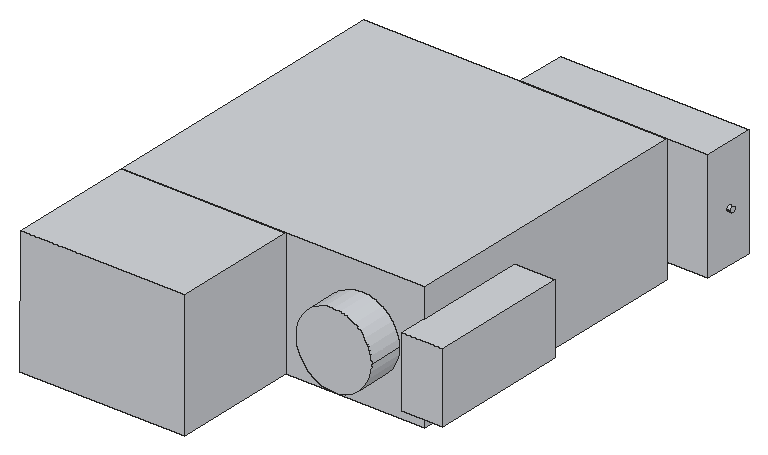
Revit family "QSTE", category Mechanical Equipment, Revit 2018
Family settings
  Round Connector Dimension = Use Diameter
  Part Type = Normal
  OmniClass Number = 23.75.00.00
  OmniClass Title = Climate Control (HVAC)
  Work Plane-Based = No
  Always vertical = Yes
  Cut with Voids When Loaded = No
  Shared = No
  Room Calculation Point = No
Parameters (values of type "QSTE-1-HP-12R-S/ELBOW")
  Sound Elbow for RH = yes
  Sound Elbow for LH = no
  Q5Q = 1' - 8"
  Q5B = 2' - 0"
  Q5A = 1' - 8"
  Power Connect for RH = yes
  Power Connect for LH = no
  Model = "QSTE"
  Manufacturer = "ANEMOSTAT"
  Keynote = ""
  Inlet-offset = 0' - 4"
  Inlet for RH = yes
  Inlet for LH = no
  Inlet S = 0' - 5 1/2"
  Inlet Radius = Inlet Dia / 2  # 0' - 5 15/16"
  Inlet Dia = 0' - 11 7/8"
  Induction for RH = no
  Induction for LH = no
  Enclosure for RH = yes
  Enclosure for LH = no
  EnclWdim = 0' - 11 1/8"
  EnclOffset = 0' - 4 1/2"
  EnclLdim = 1' - 10 1/4"
  EnclHdim = 0' - 6 1/2"
  ESTH-offset = 0' - 6 1/2"
  ESTH-flange = 0' - 0 3/4"
  ESTH-depth = 0' - 8"
  ESTH-OAW = 2' - 5 1/4"
  ESTH-OAH = 1' - 5 1/2"
  ESTH for RH = yes
  ESTH for LH = no
  QSTE Discharge Offset = 0' - 4 1/2"
  Discharge for RH = yes
  Discharge for LH = no
  Discharge Width X = 1' - 7"
  Discharge Height Y = 1' - 4"
  Description = "SERIES ELECTRIC HEAT"
  DUCT-FLANGE = 0' - 1"
  DUCT-D = 1' - 6"
  DUCT-C = 1' - 9"
  Box W = 4' - 0"
  Box L = 4' - 0"
  Box H = 1' - 8"
  BoX H = 1' - 8"
Types (56): name | Sound Elbow for RH | Sound Elbow for LH | Q5Q | Q5B | Q5A | Power Connect for RH | Power Connect for LH | Inlet for RH | Inlet for LH | Inlet Radius | Inlet Dia | Induction for RH | Induction for LH | Enclosure for RH | Enclosure for LH | ESTH-OAW | ESTH-OAH | ESTH for RH | ESTH for LH | QSTE Discharge Offset | Discharge for RH | Discharge for LH | Discharge Width X | Discharge Height Y | DUCT-D | DUCT-C | Box W | Box L | Box H | BoX H
  QSTE-1/4-HP-10L-S/ELBOW | no | yes | 1' - 6" | 1' - 6" | 1' - 6" | no | yes | no | yes | 0' - 4 15/16" | 0' - 9 7/8" | no | no | no | yes | 1' - 9 3/4" | 1' - 0 1/2" | no | yes | 0' - 4 1/2" | no | yes | 0' - 11 1/2" | 0' - 11" | 1' - 4" | 1' - 0" | 2' - 8" | 3' - 0" | 1' - 6" | 1' - 6"
  QSTE-1/2-HP-12L-S/ELBOW | no | yes | 1' - 6" | 1' - 8" | 1' - 6" | no | yes | no | yes | 0' - 5 15/16" | 0' - 11 7/8" | no | no | no | yes | 2' - 0 1/4" | 1' - 1 1/2" | no | yes | 0' - 4 1/2" | no | yes | 1' - 2" | 1' - 0" | 1' - 4" | 1' - 5" | 3' - 4" | 3' - 4" | 1' - 6" | 1' - 6"
  QSTE-1/2-HP-14L-S/ELBOW | no | yes | 1' - 6" | 1' - 8" | 1' - 6" | no | yes | no | yes | 0' - 6 15/16" | 1' - 1 7/8" | no | no | no | yes | 2' - 0 1/4" | 1' - 1 1/2" | no | yes | 0' - 4 1/2" | no | yes | 1' - 2" | 1' - 0" | 1' - 4" | 1' - 5" | 3' - 4" | 3' - 4" | 1' - 6" | 1' - 6"
  QSTE-3/4-HP-12L-S/ELBOW | no | yes | 1' - 8" | 2' - 0" | 1' - 8" | no | yes | no | yes | 0' - 5 15/16" | 0' - 11 7/8" | no | no | no | yes | 2' - 5 1/4" | 1' - 5 1/2" | no | yes | 0' - 4 1/2" | no | yes | 1' - 7" | 1' - 4" | 1' - 6" | 1' - 9" | 4' - 0" | 4' - 0" | 1' - 8" | 1' - 8"
  QSTE-3/4-HP-14L-S/ELBOW | no | yes | 1' - 8" | 2' - 0" | 1' - 8" | no | yes | no | yes | 0' - 6 15/16" | 1' - 1 7/8" | no | no | no | yes | 2' - 5 1/4" | 1' - 5 1/2" | no | yes | 0' - 4 1/2" | no | yes | 1' - 7" | 1' - 4" | 1' - 6" | 1' - 9" | 4' - 0" | 4' - 0" | 1' - 8" | 1' - 8"
  QSTE-1-HP-12L-S/ELBOW | no | yes | 1' - 8" | 2' - 0" | 1' - 8" | no | yes | no | yes | 0' - 5 15/16" | 0' - 11 7/8" | no | no | yes | no | 2' - 5 1/4" | 1' - 5 1/2" | no | yes | 0' - 4 1/2" | no | yes | 1' - 7" | 1' - 4" | 1' - 6" | 1' - 9" | 4' - 0" | 4' - 0" | 1' - 8" | 1' - 8"
  QSTE-1-HP-14L-W/OUT S/ELBOW | no | no | 1' - 8" | 2' - 0" | 1' - 8" | no | yes | no | yes | 0' - 6 15/16" | 1' - 1 7/8" | no | yes | no | yes | 2' - 5 1/4" | 1' - 5 1/2" | no | yes | 0' - 4 1/2" | no | yes | 1' - 7" | 1' - 4" | 1' - 6" | 1' - 9" | 4' - 0" | 4' - 0" | 1' - 8" | 1' - 8"
  QSTE-1-HP-16L-S/ELBOW | no | yes | 1' - 8" | 2' - 0" | 1' - 8" | no | yes | no | yes | 0' - 7 15/16" | 1' - 3 7/8" | no | no | no | yes | 2' - 5 1/4" | 1' - 5 1/2" | no | yes | 0' - 4 1/2" | no | yes | 1' - 7" | 1' - 4" | 1' - 6" | 1' - 9" | 4' - 0" | 4' - 0" | 1' - 8" | 1' - 8"
  QSTE-1/2-HP-10R-S/ELBOW | yes | no | 1' - 6" | 1' - 8" | 1' - 6" | yes | no | yes | no | 0' - 4 15/16" | 0' - 9 7/8" | no | no | yes | no | 2' - 0 1/4" | 1' - 1 1/2" | yes | no | 0' - 4 1/2" | yes | no | 1' - 2" | 1' - 0" | 1' - 4" | 1' - 5" | 3' - 4" | 3' - 4" | 1' - 6" | 1' - 6"
  QSTE-1/2-HP-12R-S/ELBOW | yes | no | 1' - 6" | 1' - 8" | 1' - 6" | yes | no | yes | no | 0' - 5 15/16" | 0' - 11 7/8" | no | no | yes | no | 2' - 0 1/4" | 1' - 1 1/2" | yes | no | 0' - 4 1/2" | yes | no | 1' - 2" | 1' - 0" | 1' - 4" | 1' - 5" | 3' - 4" | 3' - 4" | 1' - 6" | 1' - 6"
  QSTE-1/2-HP-14R-S/ELBOW | yes | no | 1' - 6" | 1' - 8" | 1' - 6" | yes | no | yes | no | 0' - 6 15/16" | 1' - 1 7/8" | no | no | yes | no | 2' - 0 1/4" | 1' - 1 1/2" | yes | no | 0' - 4 1/2" | yes | no | 1' - 2" | 1' - 0" | 1' - 4" | 1' - 5" | 3' - 4" | 3' - 4" | 1' - 6" | 1' - 6"
  QSTE-1/4-HP-10R-S/ELBOW | yes | no | 1' - 6" | 1' - 6" | 1' - 6" | yes | no | yes | no | 0' - 4 15/16" | 0' - 9 7/8" | no | no | no | no | 1' - 9 3/4" | 1' - 0 1/2" | yes | no | 0' - 4 1/2" | yes | no | 0' - 11 1/2" | 0' - 11" | 1' - 4" | 1' - 0" | 2' - 8" | 3' - 0" | 1' - 6" | 1' - 6"
  QSTE-1-HP-12R-W/OUT S/ELBOW | no | no | 1' - 8" | 2' - 0" | 1' - 8" | yes | no | yes | no | 0' - 5 15/16" | 0' - 11 7/8" | yes | no | yes | no | 2' - 5 1/4" | 1' - 5 1/2" | yes | no | 0' - 4 1/2" | yes | no | 1' - 7" | 1' - 4" | 1' - 6" | 1' - 9" | 4' - 0" | 4' - 0" | 1' - 8" | 1' - 8"
  QSTE-1-HP-14R-S/ELBOW | yes | no | 1' - 8" | 2' - 0" | 1' - 8" | yes | no | yes | no | 0' - 6 15/16" | 1' - 1 7/8" | no | no | yes | no | 2' - 5 1/4" | 1' - 5 1/2" | yes | no | 0' - 4 1/2" | yes | no | 1' - 7" | 1' - 4" | 1' - 6" | 1' - 9" | 4' - 0" | 4' - 0" | 1' - 8" | 1' - 8"
  QSTE-1-HP-16R-S/ELBOW | yes | no | 1' - 8" | 2' - 0" | 1' - 8" | yes | no | yes | no | 0' - 7 15/16" | 1' - 3 7/8" | no | no | yes | no | 2' - 5 1/4" | 1' - 5 1/2" | yes | no | 0' - 4 1/2" | yes | no | 1' - 7" | 1' - 4" | 1' - 6" | 1' - 9" | 4' - 0" | 4' - 0" | 1' - 8" | 1' - 8"
  QSTE-3/4-HP-12R-S/ELBOW | yes | no | 1' - 8" | 2' - 0" | 1' - 8" | yes | no | yes | no | 0' - 5 15/16" | 0' - 11 7/8" | no | no | yes | no | 2' - 5 1/4" | 1' - 5 1/2" | yes | no | 0' - 4 1/2" | yes | no | 1' - 7" | 1' - 4" | 1' - 6" | 1' - 9" | 4' - 0" | 4' - 0" | 1' - 8" | 1' - 8"
  QSTE-3/4-HP-14R-S/ELBOW | yes | no | 1' - 8" | 2' - 0" | 1' - 8" | yes | no | yes | no | 0' - 6 15/16" | 1' - 1 7/8" | no | no | yes | no | 2' - 5 1/4" | 1' - 5 1/2" | yes | no | 0' - 4 1/2" | yes | no | 1' - 7" | 1' - 4" | 1' - 6" | 1' - 9" | 4' - 0" | 4' - 0" | 1' - 8" | 1' - 8"
  QSTE-1/2-HP-10L-W/OUT S/ELBOW | no | no | 1' - 6" | 1' - 8" | 1' - 6" | no | yes | no | yes | 0' - 4 15/16" | 0' - 9 7/8" | no | yes | no | yes | 2' - 0 1/4" | 1' - 1 1/2" | no | yes | 0' - 4 1/2" | no | yes | 1' - 2" | 1' - 0" | 1' - 4" | 1' - 5" | 3' - 4" | 3' - 4" | 1' - 6" | 1' - 6"
  QSTE-1/2-HP-10R-W/OUT S/ELBOW | no | no | 1' - 6" | 1' - 8" | 1' - 6" | yes | no | yes | no | 0' - 4 15/16" | 0' - 9 7/8" | yes | no | yes | no | 2' - 0 1/4" | 1' - 1 1/2" | yes | no | 0' - 4 1/2" | yes | no | 1' - 2" | 1' - 0" | 1' - 4" | 1' - 5" | 3' - 4" | 3' - 4" | 1' - 6" | 1' - 6"
  QSTE-1/2-HP-12L-W/OUT S/ELBOW | no | no | 1' - 6" | 1' - 8" | 1' - 6" | no | yes | no | yes | 0' - 5 15/16" | 0' - 11 7/8" | no | yes | no | yes | 2' - 0 1/4" | 1' - 1 1/2" | no | yes | 0' - 4 1/2" | no | yes | 1' - 2" | 1' - 0" | 1' - 4" | 1' - 5" | 3' - 4" | 3' - 4" | 1' - 6" | 1' - 6"
  QSTE-1/2-HP-12R-W/OUT S/ELBOW | no | no | 1' - 6" | 1' - 8" | 1' - 6" | yes | no | yes | no | 0' - 5 15/16" | 0' - 11 7/8" | yes | no | yes | no | 2' - 0 1/4" | 1' - 1 1/2" | yes | no | 0' - 4 1/2" | yes | no | 1' - 2" | 1' - 0" | 1' - 4" | 1' - 5" | 3' - 4" | 3' - 4" | 1' - 6" | 1' - 6"
  QSTE-1/2-HP-14L-W/OUT S/ELBOW | no | no | 1' - 6" | 1' - 8" | 1' - 6" | no | yes | no | yes | 0' - 6 15/16" | 1' - 1 7/8" | no | yes | no | yes | 2' - 0 1/4" | 1' - 1 1/2" | no | yes | 0' - 4 1/2" | no | yes | 1' - 2" | 1' - 0" | 1' - 4" | 1' - 5" | 3' - 4" | 3' - 4" | 1' - 6" | 1' - 6"
  QSTE-1/2-HP-14R-W/OUT S/ELBOW | no | no | 1' - 6" | 1' - 8" | 1' - 6" | yes | no | yes | no | 0' - 6 15/16" | 1' - 1 7/8" | yes | no | yes | no | 2' - 0 1/4" | 1' - 1 1/2" | yes | no | 0' - 4 1/2" | yes | no | 1' - 2" | 1' - 0" | 1' - 4" | 1' - 5" | 3' - 4" | 3' - 4" | 1' - 6" | 1' - 6"
  QSTE-1/6-HP-6R-W/OUT S/ELBOW | no | no | 1' - 6" | 1' - 6" | 1' - 6" | yes | no | yes | no | 0' - 2 15/16" | 0' - 5 7/8" | yes | no | yes | no | 1' - 9 3/4" | 1' - 0 1/2" | yes | no | 0' - 4 1/2" | yes | no | 0' - 11 1/2" | 0' - 11" | 1' - 4" | 1' - 5" | 2' - 8" | 3' - 0" | 1' - 6" | 1' - 6"
  QSTE-1/6-HP-7R-W/OUT S/ELBOW | no | no | 1' - 6" | 1' - 6" | 1' - 6" | yes | no | yes | no | 0' - 3 7/16" | 0' - 6 7/8" | yes | no | yes | no | 1' - 9 3/4" | 1' - 0 1/2" | yes | no | 0' - 4 1/2" | yes | no | 0' - 11 1/2" | 0' - 11" | 1' - 4" | 1' - 0" | 2' - 8" | 3' - 0" | 1' - 6" | 1' - 6"
  QSTE-1/6-HP-8R-W/OUT S/ELBOW | no | no | 1' - 6" | 1' - 6" | 1' - 6" | yes | no | yes | no | 0' - 3 15/16" | 0' - 7 7/8" | yes | no | yes | no | 1' - 9 3/4" | 1' - 0 1/2" | yes | no | 0' - 4 1/2" | yes | no | 0' - 11 1/2" | 0' - 11" | 1' - 4" | 1' - 0" | 2' - 8" | 3' - 0" | 1' - 6" | 1' - 6"
  QSTE-1/6-HP-8L-W/OUT S/ELBOW | no | no | 1' - 6" | 1' - 6" | 1' - 6" | no | yes | no | yes | 0' - 3 15/16" | 0' - 7 7/8" | no | yes | no | yes | 1' - 9 3/4" | 1' - 0 1/2" | no | yes | 0' - 4 1/2" | no | yes | 0' - 11 1/2" | 0' - 11" | 1' - 4" | 1' - 0" | 2' - 8" | 3' - 0" | 1' - 6" | 1' - 6"
  QSTE-1/4-HP-9L-W/OUT S/ELBOW | no | no | 1' - 6" | 1' - 6" | 1' - 6" | no | yes | no | yes | 0' - 4 7/16" | 0' - 8 7/8" | no | yes | no | yes | 1' - 9 3/4" | 1' - 0 1/2" | no | yes | 0' - 4 1/2" | no | yes | 0' - 11 1/2" | 0' - 11" | 1' - 4" | 1' - 0" | 2' - 8" | 3' - 0" | 1' - 6" | 1' - 6"
  QSTE-1/4-HP-9R-W/OUT S/ELBOW | no | no | 1' - 6" | 1' - 6" | 1' - 6" | yes | no | yes | no | 0' - 4 7/16" | 0' - 8 7/8" | yes | no | yes | no | 1' - 9 3/4" | 1' - 0 1/2" | yes | no | 0' - 4 1/2" | yes | no | 0' - 11 1/2" | 0' - 11" | 1' - 4" | 1' - 0" | 2' - 8" | 3' - 0" | 1' - 6" | 1' - 6"
  QSTE-1/4-HP-10L-W/OUT S/ELBOW | no | no | 1' - 6" | 1' - 6" | 1' - 6" | no | yes | no | yes | 0' - 4 15/16" | 0' - 9 7/8" | no | yes | no | yes | 1' - 9 3/4" | 1' - 0 1/2" | no | yes | 0' - 4 1/2" | no | yes | 0' - 11 1/2" | 0' - 11" | 1' - 4" | 1' - 0" | 2' - 8" | 3' - 0" | 1' - 6" | 1' - 6"
  QSTE-1/4-HP-10R-W/OUT S/ELBOW | no | no | 1' - 6" | 1' - 6" | 1' - 6" | yes | no | yes | no | 0' - 4 15/16" | 0' - 9 7/8" | yes | no | yes | no | 1' - 9 3/4" | 1' - 0 1/2" | yes | no | 0' - 3" | yes | no | 0' - 11 1/2" | 0' - 11" | 1' - 4" | 1' - 0" | 2' - 8" | 3' - 0" | 1' - 6" | 1' - 6"
  QSTE-1/6-HP-6L-W/OUT S/ELBOW | no | no | 1' - 6" | 1' - 6" | 1' - 6" | no | yes | no | yes | 0' - 2 15/16" | 0' - 5 7/8" | no | yes | no | yes | 1' - 9 3/4" | 1' - 0 1/2" | no | yes | 0' - 4 1/2" | no | yes | 0' - 11 1/2" | 0' - 11" | 1' - 4" | 1' - 5" | 2' - 8" | 3' - 0" | 1' - 6" | 1' - 6"
  QSTE-1/6-HP-6L-S/ELBOW | no | yes | 1' - 6" | 1' - 6" | 1' - 6" | no | yes | no | yes | 0' - 2 15/16" | 0' - 5 7/8" | no | no | no | yes | 1' - 9 3/4" | 1' - 0 1/2" | no | yes | 0' - 4 1/2" | no | yes | 0' - 11 1/2" | 0' - 11" | 1' - 4" | 1' - 5" | 2' - 8" | 3' - 0" | 1' - 6" | 1' - 6"
  QSTE-1/6-HP-6R-S/ELBOW | yes | no | 1' - 6" | 1' - 6" | 1' - 6" | yes | no | yes | no | 0' - 2 15/16" | 0' - 5 7/8" | no | no | yes | no | 1' - 9 3/4" | 1' - 0 1/2" | yes | no | 0' - 4 1/2" | yes | no | 0' - 11 1/2" | 0' - 11" | 1' - 4" | 1' - 5" | 2' - 8" | 3' - 0" | 1' - 6" | 1' - 6"
  QSTE-1/6-HP-7R-S/ELBOW | yes | no | 1' - 6" | 1' - 6" | 1' - 6" | yes | no | yes | no | 0' - 3 7/16" | 0' - 6 7/8" | no | no | yes | no | 1' - 9 3/4" | 1' - 0 1/2" | yes | no | 0' - 4 1/2" | yes | no | 0' - 11 1/2" | 0' - 11" | 1' - 4" | 1' - 0" | 2' - 8" | 3' - 0" | 1' - 6" | 1' - 6"
  QSTE-1/6-HP-7L-S/ELBOW | no | yes | 1' - 6" | 1' - 6" | 1' - 6" | no | yes | no | yes | 0' - 3 7/16" | 0' - 6 7/8" | no | no | no | yes | 1' - 9 3/4" | 1' - 0 1/2" | no | yes | 0' - 4 1/2" | no | yes | 0' - 11 1/2" | 0' - 11" | 1' - 4" | 1' - 0" | 2' - 8" | 3' - 0" | 1' - 6" | 1' - 6"
  QSTE-1/6-HP-7L-W/OUT S/ELBOW | no | no | 1' - 6" | 1' - 6" | 1' - 6" | no | yes | no | yes | 0' - 3 7/16" | 0' - 6 7/8" | no | yes | no | yes | 1' - 9 3/4" | 1' - 0 1/2" | no | yes | 0' - 4 1/2" | no | yes | 0' - 11 1/2" | 0' - 11" | 1' - 4" | 1' - 0" | 2' - 8" | 3' - 0" | 1' - 6" | 1' - 6"
  QSTE-1/4-HP-8L-S/ELBOW | no | yes | 1' - 6" | 1' - 6" | 1' - 6" | no | yes | no | yes | 0' - 3 15/16" | 0' - 7 7/8" | no | no | no | yes | 1' - 9 3/4" | 1' - 0 1/2" | no | yes | 0' - 4 1/2" | no | yes | 0' - 11 1/2" | 0' - 11" | 1' - 4" | 1' - 0" | 2' - 8" | 3' - 0" | 1' - 6" | 1' - 6"
  QSTE-1/6-HP-8R-S/ELBOW | yes | no | 1' - 6" | 1' - 6" | 1' - 6" | yes | no | yes | no | 0' - 3 15/16" | 0' - 7 7/8" | no | no | yes | no | 1' - 9 3/4" | 1' - 0 1/2" | yes | no | 0' - 4 1/2" | yes | no | 0' - 11 1/2" | 0' - 11" | 1' - 4" | 1' - 0" | 2' - 8" | 3' - 0" | 1' - 6" | 1' - 6"
  QSTE-1/4-HP-9L-S/ELBOW | no | yes | 1' - 6" | 1' - 6" | 1' - 6" | no | yes | no | yes | 0' - 4 7/16" | 0' - 8 7/8" | no | no | no | yes | 1' - 9 3/4" | 1' - 0 1/2" | no | yes | 0' - 4 1/2" | no | yes | 0' - 11 1/2" | 0' - 11" | 1' - 4" | 1' - 0" | 2' - 8" | 3' - 0" | 1' - 6" | 1' - 6"
  QSTE-1/4-HP-9R-S/ELBOW | yes | no | 1' - 6" | 1' - 6" | 1' - 6" | yes | no | yes | no | 0' - 4 7/16" | 0' - 8 7/8" | no | no | yes | no | 1' - 9 3/4" | 1' - 0 1/2" | yes | no | 0' - 4 1/2" | yes | no | 0' - 11 1/2" | 0' - 11" | 1' - 4" | 1' - 0" | 2' - 8" | 3' - 0" | 1' - 6" | 1' - 6"
  QSTE-1-HP-12L-W/OUT S/ELBOW | no | no | 1' - 8" | 2' - 0" | 1' - 8" | no | yes | no | yes | 0' - 5 15/16" | 0' - 11 7/8" | no | yes | yes | no | 2' - 5 1/4" | 1' - 5 1/2" | no | yes | 0' - 4 1/2" | no | yes | 1' - 7" | 1' - 4" | 1' - 6" | 1' - 9" | 4' - 0" | 4' - 0" | 1' - 8" | 1' - 8"
  QSTE-1-HP-12R-S/ELBOW | yes | no | 1' - 8" | 2' - 0" | 1' - 8" | yes | no | yes | no | 0' - 5 15/16" | 0' - 11 7/8" | no | no | yes | no | 2' - 5 1/4" | 1' - 5 1/2" | yes | no | 0' - 4 1/2" | yes | no | 1' - 7" | 1' - 4" | 1' - 6" | 1' - 9" | 4' - 0" | 4' - 0" | 1' - 8" | 1' - 8"
  QSTE-1-HP-14L-S/ELBOW | no | yes | 1' - 8" | 2' - 0" | 1' - 8" | no | yes | no | yes | 0' - 6 15/16" | 1' - 1 7/8" | no | no | no | yes | 2' - 5 1/4" | 1' - 5 1/2" | no | yes | 0' - 4 1/2" | no | yes | 1' - 7" | 1' - 4" | 1' - 6" | 1' - 9" | 4' - 0" | 4' - 0" | 1' - 8" | 1' - 8"
  QSTE-1-HP-14R-W/OUT S/ELBOW | no | no | 1' - 8" | 2' - 0" | 1' - 8" | yes | no | yes | no | 0' - 6 15/16" | 1' - 1 7/8" | yes | no | yes | no | 2' - 5 1/4" | 1' - 5 1/2" | yes | no | 0' - 4 1/2" | yes | no | 1' - 7" | 1' - 4" | 1' - 6" | 1' - 9" | 4' - 0" | 4' - 0" | 1' - 8" | 1' - 8"
  QSTE-1-HP-16L-W/OUT S/ELBOW | no | no | 1' - 8" | 2' - 0" | 1' - 8" | no | yes | no | yes | 0' - 7 15/16" | 1' - 3 7/8" | no | yes | no | yes | 2' - 5 1/4" | 1' - 5 1/2" | no | yes | 0' - 4 1/2" | no | yes | 1' - 7" | 1' - 4" | 1' - 6" | 1' - 9" | 4' - 0" | 4' - 0" | 1' - 8" | 1' - 8"
  QSTE-1-HP-16R-W/OUT S/ELBOW | no | no | 1' - 8" | 2' - 0" | 1' - 8" | yes | no | yes | no | 0' - 7 15/16" | 1' - 3 7/8" | yes | no | yes | no | 2' - 5 1/4" | 1' - 5 1/2" | yes | no | 0' - 4 1/2" | yes | no | 1' - 7" | 1' - 4" | 1' - 6" | 1' - 9" | 4' - 0" | 4' - 0" | 1' - 8" | 1' - 8"
  QSTE-3/4-HP-12L-W/OUT S/ELBOW | no | no | 1' - 8" | 2' - 0" | 1' - 8" | no | yes | no | yes | 0' - 5 15/16" | 0' - 11 7/8" | no | yes | no | yes | 2' - 5 1/4" | 1' - 5 1/2" | no | yes | 0' - 4 1/2" | no | yes | 1' - 7" | 1' - 4" | 1' - 6" | 1' - 9" | 4' - 0" | 4' - 0" | 1' - 8" | 1' - 8"
  QSTE-3/4-HP-12R-W/OUT S/ELBOW | no | no | 1' - 8" | 2' - 0" | 1' - 8" | yes | no | yes | no | 0' - 5 15/16" | 0' - 11 7/8" | yes | no | yes | no | 2' - 5 1/4" | 1' - 5 1/2" | yes | no | 0' - 4 1/2" | yes | no | 1' - 7" | 1' - 4" | 1' - 6" | 1' - 9" | 4' - 0" | 4' - 0" | 1' - 8" | 1' - 8"
  QSTE-3/4-HP-14L-W/OUT S/ELBOW | no | no | 1' - 8" | 2' - 0" | 1' - 8" | no | yes | no | yes | 0' - 6 15/16" | 1' - 1 7/8" | no | yes | no | yes | 2' - 5 1/4" | 1' - 5 1/2" | no | yes | 0' - 4 1/2" | no | yes | 1' - 7" | 1' - 4" | 1' - 6" | 1' - 9" | 4' - 0" | 4' - 0" | 1' - 8" | 1' - 8"
  QSTE-3/4-HP-14R-W/OUT S/ELBOW | no | no | 1' - 8" | 2' - 0" | 1' - 8" | yes | no | yes | no | 0' - 6 15/16" | 1' - 1 7/8" | yes | no | yes | no | 2' - 5 1/4" | 1' - 5 1/2" | yes | no | 0' - 4 1/2" | yes | no | 1' - 7" | 1' - 4" | 1' - 6" | 1' - 9" | 4' - 0" | 4' - 0" | 1' - 8" | 1' - 8"
  QSTE-1/6-HP-8L-S/ELBOW | no | yes | 1' - 6" | 1' - 6" | 1' - 6" | no | yes | no | yes | 0' - 3 15/16" | 0' - 7 7/8" | no | no | no | yes | 1' - 9 3/4" | 1' - 0 1/2" | no | yes | 0' - 4 1/2" | no | yes | 0' - 11 1/2" | 0' - 11" | 1' - 4" | 1' - 0" | 2' - 8" | 3' - 0" | 1' - 6" | 1' - 6"
  QSTE-1/4-HP-8L-W/OUT S/ELBOW | no | no | 1' - 6" | 1' - 6" | 1' - 6" | no | yes | no | yes | 0' - 3 15/16" | 0' - 7 7/8" | no | yes | no | yes | 1' - 9 3/4" | 1' - 0 1/2" | no | yes | 0' - 4 1/2" | no | yes | 0' - 11 1/2" | 0' - 11" | 1' - 4" | 1' - 0" | 2' - 8" | 3' - 0" | 1' - 6" | 1' - 6"
  QSTE-1/4-HP-8R-S/ELBOW | yes | no | 1' - 6" | 1' - 6" | 1' - 6" | yes | no | yes | no | 0' - 3 15/16" | 0' - 7 7/8" | no | no | yes | no | 1' - 9 3/4" | 1' - 0 1/2" | yes | no | 0' - 4 1/2" | yes | no | 0' - 11 1/2" | 0' - 11" | 1' - 4" | 1' - 0" | 2' - 8" | 3' - 0" | 1' - 6" | 1' - 6"
  QSTE-1/4-HP-8R-W/OUT S/ELBOW | no | no | 1' - 6" | 1' - 6" | 1' - 6" | yes | no | yes | no | 0' - 3 15/16" | 0' - 7 7/8" | yes | no | yes | no | 1' - 9 3/4" | 1' - 0 1/2" | yes | no | 0' - 4 1/2" | yes | no | 0' - 11 1/2" | 0' - 11" | 1' - 4" | 1' - 0" | 2' - 8" | 3' - 0" | 1' - 6" | 1' - 6"
  QSTE-1/2-HP-10L-S/ELBOW | no | yes | 1' - 6" | 1' - 8" | 1' - 6" | no | yes | no | yes | 0' - 4 15/16" | 0' - 9 7/8" | no | no | no | yes | 2' - 0 1/4" | 1' - 1 1/2" | no | yes | 0' - 4 1/2" | no | yes | 1' - 2" | 1' - 0" | 1' - 4" | 1' - 5" | 3' - 4" | 3' - 4" | 1' - 6" | 1' - 6"
Reference planes (in)
  plane 1 "Center (Front/Back)": y = 0
  plane 2: z = 0
  plane 3 "Center (Left/Right)": x = 0
  plane 4 "RH SIDE": x = 24
  plane 5 "LH SIDE": x = -24
  plane 6 "DISCHARGE SIDE": y = 24
  plane 7 "INLET SIDE": y = -24
  plane 8: z = 10
  plane 9: z = -10
  plane 10 "Inlet Face": y = -29.5
  plane 11 "Q5 Face": y = -44
  plane 12 "Induction Face": y = -25
  plane 13 "ESTE Face": y = 32
  plane 14 "Controller Face": x = -30.5
  plane 15: x = -20
  plane 16: x = -8.125
  plane 17: x = -14.0625
  plane 18: x = 0
  plane 19: x = 2
  plane 20: z = 9
  plane 21: z = -9
  plane 22: x = 23
  plane 23: y = -28.5
  plane 24: z = 5.5625
  plane 25: z = -5.5625
  plane 26: y = -6.25
  plane 27: x = -30.5
  plane 28: z = -7.5
  plane 29: x = -1.25
  plane 30 "ESTE-Discharge": y = 32.75
  plane 31: z = 9.25
  plane 32: z = -6.75
  plane 33: x = -2
  plane 34 "Power Connect": x = -31.25
  plane 35: y = 28
  plane 36: z = 0.75
  plane 37: x = 2
  plane 38 "Enclosure RH face": x = 30.5
  plane 39 "Power Connect RH": x = 31.25
  plane 40: x = 30.5
  plane 41: x = 1.25
  plane 42: z = 9.25
  plane 43: x = 2
  plane 44: x = 20
  plane 45: x = 14.0625
  plane 46: x = 8.125
Forms (in)
  Extrusion 1, solid
    sketch origin (0, -24, 0) x (-1, 0, 0) y (0, 0, 1)
      loop
        line (-24, 10) -> (-24, -10) -> (24, -10) -> (24, 10) -> (-24, 10)
    from 0 to 48 <- "Box L"
  Extrusion 2, solid, visible <- "Inlet for LH"
    sketch origin (0, -29.5, 0) x (1, 0, 0) y (0, 0, -1)
      loop
        circle (-14.0625, 0) r 5.9375
    from 0 to 5.5 <- "Inlet S"
  Extrusion 3, solid, visible <- "Sound Elbow for LH"
    sketch origin (0, -44, 0) x (1, 0, 0) y (0, 0, -1)
      loop
        line (0, -10) -> (24, -10) -> (24, 10) -> (0, 10) -> (0, -10)
    from 0 to 20 <- "Q5Q"
  Extrusion 4, solid, visible <- "Induction for LH"
    sketch origin (0, -25, 0) x (1, 0, 0) y (0, 0, -1)
      loop
        line (2, -9) -> (23, -9) -> (23, 9) -> (2, 9) -> (2, -9)
    from 0 to 1 <- "DUCT-FLANGE"
  Extrusion 5, solid, visible <- "Enclosure for RH"
    sketch origin (30.5, 0, 0) x (0, 1, 0) y (0, 0, -1)
      loop
        line (-6.25, -5.5625) -> (-6.25, 5.5625) -> (-28.5, 5.5625) -> (-28.5, -5.5625) -> (-6.25, -5.5625)
    from 0 to 6.5 <- "EnclHdim"
  Extrusion 6, solid, visible <- "ESTH for LH"
    sketch origin (0, 24, 0) x (-1, 0, 0) y (0, 0, 1)
      loop
        line (30.5, 10) -> (1.25, 10) -> (1.25, -7.5) -> (30.5, -7.5) -> (30.5, 10)
    from 0 to 8 <- "ESTH-depth"
  Extrusion 7, solid, visible <- "Discharge for LH"
    sketch origin (0, 32.75, 0) x (-1, 0, 0) y (0, 0, -1)
      loop
        line (2, -9.25) -> (19.5, -9.25) -> (19.5, 6.75) -> (2, 6.75) -> (2, -9.25)
    from 0 to 0.75 <- "ESTH-flange"
  Extrusion 8, solid, visible <- "Power Connect for LH"
    sketch origin (-31.25, 0, 0) x (0, 1, 0) y (0, 0, 1)
      loop
        circle (28, 0.75) r 0.375
    from 0 to 0.75 <- "ESTH-flange"
  Extrusion 9, solid, visible <- "ESTH for RH"
    sketch origin (0, 24, 0) x (1, 0, 0) y (0, 0, -1)
      loop
        line (30.5, -10) -> (30.5, 7.5) -> (0.75, 7.5) -> (0.75, -10) -> (30.5, -10)
    from 0 to 8 <- "ESTH-depth"
  Extrusion 10, solid, visible <- "Induction for RH"
    sketch origin (0, -25, 0) x (-1, 0, 0) y (0, 0, 1)
      loop
        line (6, 9) -> (6, -9) -> (23, -9) -> (23, 9) -> (6, 9)
    from 0 to 1 <- "DUCT-FLANGE"
  Extrusion 11, solid, visible <- "Sound Elbow for RH"
    sketch origin (0, -44, 0) x (-1, 0, 0) y (0, 0, 1)
      loop
        line (-2, 10) -> (-2, -10) -> (24, -10) -> (24, 10) -> (-2, 10)
    from 0 to 20 <- "Q5Q"
  Extrusion 12, solid, visible <- "Enclosure for LH"
    sketch origin (-30.5, 0, 0) x (0, 1, 0) y (0, 0, 1)
      loop
        line (-6.25, 5.5625) -> (-28.5, 5.5625) -> (-28.5, -5.5625) -> (-6.25, -5.5625) -> (-6.25, 5.5625)
    from 0 to 6.5 <- "EnclHdim"
  Extrusion 13, solid, visible <- "Power Connect for RH"
    sketch origin (31.25, 0, 0) x (0, 1, 0) y (0, 0, -1)
      loop
        circle (28, -0.75) r 0.375
    from 0 to 0.75 <- "ESTH-flange"
  Extrusion 14, solid, visible <- "Discharge for RH"
    sketch origin (0, 32.75, 0) x (-1, 0, 0) y (0, 0, -1)
      loop
        line (-2, -9.25) -> (-2, 6.75) -> (-21, 6.75) -> (-21, -9.25) -> (-2, -9.25)
    from 0 to 0.75 <- "ESTH-flange"
  Extrusion 15, solid, visible <- "Inlet for RH"
    sketch origin (0, -29.5, 0) x (1, 0, 0) y (0, 0, -1)
      loop
        circle (14.0625, 0) r 5.9375
    from 0 to 5.5 <- "Inlet S"
Dimensions and locks (in)
  equal spacing: plane 5 "LH SIDE", plane 3 "Center (Left/Right)", plane 4 "RH SIDE"
  "Box W": plane 5 "LH SIDE" to plane 4 "RH SIDE"
  equal spacing: plane 6 "DISCHARGE SIDE", plane 1 "Center (Front/Back)", plane 7 "INLET SIDE"
  "Box L": plane 6 "DISCHARGE SIDE" to plane 7 "INLET SIDE"
  equal spacing: plane 8, level, plane 9
  "Box H": plane 8 to plane 9
  "Inlet S": plane 7 "INLET SIDE" to plane 10 "Inlet Face"
  "DUCT-FLANGE": plane 7 "INLET SIDE" to plane 12 "Induction Face"
  "Q5Q": plane 7 "INLET SIDE" to plane 11 "Q5 Face"
  "ESTH-depth": plane 13 "ESTE Face" to plane 6 "DISCHARGE SIDE"
  "EnclHdim": plane 14 "Controller Face" to plane 5 "LH SIDE"
  "Inlet-offset": plane 5 "LH SIDE" to plane 15
  equal spacing: plane 16, plane 17, plane 15
  "Inlet Dia": plane 16 to plane 15
  "Q5B": plane 4 "RH SIDE" to plane 18
  "DUCT-FLANGE": plane 4 "RH SIDE" to plane 22
  "DUCT-FLANGE": plane 8 to plane 20
  "DUCT-FLANGE": plane 21 to plane 9
  "DUCT-C": plane 22 to plane 19
  "EnclOffset": plane 7 "INLET SIDE" to plane 23
  "EnclWdim": plane 24 to plane 25
  equal spacing: plane 24, level, plane 25
  "EnclLdim": plane 26 to plane 23
  "ESTH-offset": plane 27 to plane 5 "LH SIDE"
  "ESTH-OAH": plane 28 to plane 8
  "ESTH-OAW": plane 29 to plane 27
  "ESTH-flange": plane 30 "ESTE-Discharge" to plane 13 "ESTE Face"
  "QSTE Discharge Offset": plane 5 "LH SIDE" to Extrusion 7 sketch curve
  "ESTH-flange": plane 31 to plane 8
  "ESTH-flange": plane 33 to plane 29
  "ESTH-flange": plane 28 to plane 32
  "ESTH-flange": plane 34 "Power Connect" to plane 27
  equal spacing: plane 28, plane 36, plane 20
  equal spacing: plane 13 "ESTE Face", plane 35, plane 6 "DISCHARGE SIDE"
  "EnclHdim": plane 4 "RH SIDE" to plane 38 "Enclosure RH face"
  "ESTH-flange": plane 38 "Enclosure RH face" to plane 39 "Power Connect RH"
  "ESTH-offset": plane 40 to plane 4 "RH SIDE"
  "ESTH-OAW": plane 41 to plane 40
  "ESTH-flange": plane 41 to plane 43
  "ESTH-flange": plane 42 to plane 8
  "Discharge Height Y": Extrusion 14 sketch curve to Extrusion 14 sketch curve
  "Discharge Width X": plane 43 to Extrusion 14 sketch curve
  equal spacing: plane 44, plane 45, plane 46
  "Inlet Dia": plane 44 to plane 46
  "Inlet-offset": plane 4 "RH SIDE" to plane 44
  "Inlet Dia": diameter of Extrusion 2 sketch curve
  "ESTH-flange": diameter of Extrusion 8 sketch curve
  "ESTH-flange": diameter of Extrusion 13 sketch curve
  "Inlet Dia": diameter of Extrusion 15 sketch curve
  aligned and locked: level to plane 2
  aligned and locked: Extrusion 1 sketch curve to plane 4 "RH SIDE"
  aligned and locked: plane 8 to Extrusion 1 sketch curve
  aligned and locked: Extrusion 1 sketch curve to plane 5 "LH SIDE"
  aligned and locked: plane 9 to Extrusion 1 sketch curve
  aligned and locked: plane 8 to Extrusion 3 sketch curve
  aligned and locked: Extrusion 3 sketch curve to plane 4 "RH SIDE"
  aligned and locked: plane 9 to Extrusion 3 sketch curve
  aligned and locked: plane 18 to Extrusion 3 sketch curve
  aligned and locked: Extrusion 4 sketch curve to plane 22
  aligned and locked: Extrusion 4 sketch curve to plane 20
  aligned and locked: Extrusion 4 sketch curve to plane 21
  aligned and locked: plane 19 to Extrusion 4 sketch curve
  aligned and locked: Extrusion 5 sketch curve to plane 23
  aligned and locked: plane 24 to Extrusion 5 sketch curve
  aligned and locked: plane 25 to Extrusion 5 sketch curve
  aligned and locked: plane 26 to Extrusion 5 sketch curve
  aligned and locked: Extrusion 6 sketch curve to plane 27
  aligned and locked: Extrusion 6 sketch curve to plane 29
  aligned and locked: Extrusion 6 sketch curve to plane 8
  aligned and locked: plane 28 to Extrusion 6 sketch curve
  aligned and locked: Extrusion 7 sketch curve to plane 33
  aligned and locked: Extrusion 7 sketch curve to plane 32
  aligned and locked: plane 31 to Extrusion 7 sketch curve
  aligned and locked: Extrusion 11 sketch curve to plane 37
  aligned and locked: Extrusion 12 sketch curve to plane 26
  aligned and locked: plane 24 to Extrusion 12 sketch curve
  aligned and locked: plane 25 to Extrusion 12 sketch curve
  aligned and locked: plane 23 to Extrusion 12 sketch curve
  aligned and locked: Extrusion 14 sketch curve to plane 43
  aligned and locked: Extrusion 14 sketch curve to plane 42
Automatic sketch dimensions
  Extrusion 2 sketch curve to level = 0' - 0"
  Extrusion 2 sketch curve to plane 17 = 0' - 0"
  Extrusion 8 sketch curve to plane 35 = 0' - 0"
  plane 36 to Extrusion 8 sketch curve = 0' - 0"
  Extrusion 9 sketch curve to plane 8 = 0' - 0"
  Extrusion 9 sketch curve to plane 28 = 0' - 0"
  Extrusion 9 sketch curve to plane 38 "Enclosure RH face" = 0' - 0"
  Extrusion 9 sketch curve to plane 3 "Center (Left/Right)" = 0' - 0 3/4"
  Extrusion 10 sketch curve to plane 21 = 0' - 0"
  Extrusion 10 sketch curve to plane 20 = 0' - 0"
  Extrusion 10 sketch curve to plane 16 = 0' - 2 1/8"
  plane 5 "LH SIDE" to Extrusion 10 sketch curve = 0' - 1"
  plane 5 "LH SIDE" to Extrusion 11 sketch curve = 0' - 0"
  Extrusion 11 sketch curve to plane 8 = 0' - 0"
  Extrusion 11 sketch curve to plane 9 = 0' - 0"
  Extrusion 13 sketch curve to plane 35 = 0' - 0"
  plane 36 to Extrusion 13 sketch curve = 0' - 0"
  Extrusion 15 sketch curve to level = 0' - 0"
  Extrusion 15 sketch curve to plane 45 = 0' - 0"
Connectors (in)
  hvac at (-14.0625, -29.5, 0), driven by "Inlet Dia"
    settings: on Extrusion 2, index 1, duct flow 0 CFM, flow factor 0, pres drop 0.00 in-wg, loss coef 0, conn angle 0.00°, conn width 12", conn height 12", conn diameter 11 7/8", duct sys type 1, conn prof type 0, flow config 0, flow direction 1, loss method 0, conn ref index -1, conn util no, is conn primary yes, conn desc ""
  hvac at (-10.75, 32.75, 1.25), driven by "Discharge Height Y", driven by "Discharge Width X"
    settings: on Extrusion 7, index 5, duct flow 0 CFM, flow factor 0, pres drop 0.00 in-wg, loss coef 0, conn angle 0.00°, conn width 19", conn height 16", conn diameter 24", duct sys type 3, conn prof type 1, flow config 0, flow direction 0, loss method 0, conn ref index -1, conn util no, is conn primary no, conn desc ""
  electrical at (-30.5, -17.375, 0)
    settings: on Extrusion 12, index 6, voltage 0 V, apparent load 0 VA, apparent load phase1 0 VA, apparent load phase2 0 VA, apparent load phase3 0 VA, power factor 1, load classification "Other", number of poles 1, system type 31, power factor state 1, is connector primary yes, connector utility no, sub classification motor no, connector description ""
  electrical at (-31.25, 28, 0.75)
    settings: on Extrusion 8, index 7, voltage 0 V, apparent load 0 VA, apparent load phase1 0 VA, apparent load phase2 0 VA, apparent load phase3 0 VA, power factor 1, load classification "Other", number of poles 1, system type 31, power factor state 1, is connector primary no, connector utility no, sub classification motor no, connector description ""
  electrical at (30.5, -17.375, 0)
    settings: on Extrusion 5, index 8, voltage 0 V, apparent load 0 VA, apparent load phase1 0 VA, apparent load phase2 0 VA, apparent load phase3 0 VA, power factor 1, load classification "Other", number of poles 1, system type 31, power factor state 1, is connector primary no, connector utility no, sub classification motor no, connector description ""
  electrical at (31.25, 28, 0.75)
    settings: on Extrusion 13, index 9, voltage 0 V, apparent load 0 VA, apparent load phase1 0 VA, apparent load phase2 0 VA, apparent load phase3 0 VA, power factor 1, load classification "Other", number of poles 1, system type 31, power factor state 1, is connector primary no, connector utility no, sub classification motor no, connector description ""
  hvac at (11.5, 32.75, 1.25), driven by "Discharge Height Y", driven by "Discharge Width X"
    settings: on Extrusion 14, index 10, duct flow 0 CFM, flow factor 0, pres drop 0.00 in-wg, loss coef 0, conn angle 0.00°, conn width 19", conn height 16", conn diameter 24", duct sys type 1, conn prof type 1, flow config 0, flow direction 2, loss method 0, conn ref index -1, conn util no, is conn primary no, conn desc ""
  hvac at (14.0625, -29.5, 0), driven by "Inlet Dia"
    settings: on Extrusion 15, index 11, duct flow 0 CFM, flow factor 0, pres drop 0.00 in-wg, loss coef 0, conn angle 0.00°, conn width 12", conn height 12", conn diameter 11 7/8", duct sys type 3, conn prof type 0, flow config 0, flow direction 0, loss method 0, conn ref index -1, conn util no, is conn primary no, conn desc ""
